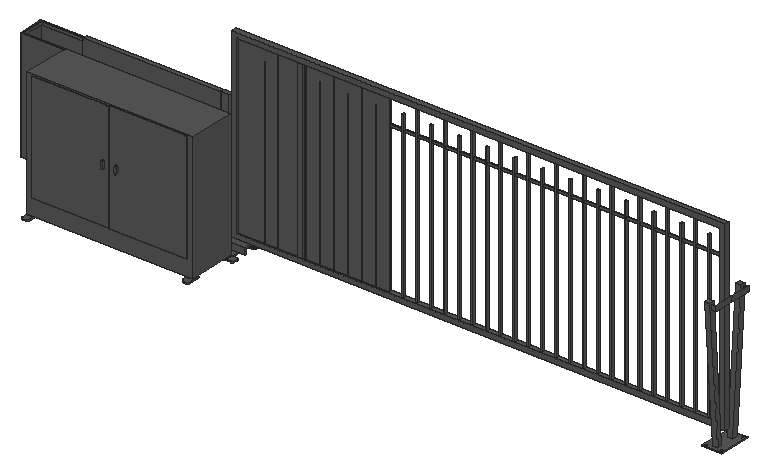
Revit family "1Construction_Fences-&-Traffic-Security_AutoGate_Ohioan-Pivot-Gates", category Specialty Equipment, Revit 2023 (continued)
Definition of nested family "Yoke"
  Dimensions and locks (in)
    Extrusion 21 sketch curve to Extrusion 21 sketch curve to plane 1 "Center (Front/Back)" to Extrusion 21 sketch curve to Extrusion 21 sketch curve = 0.000" locked, 5.500" locked, 5.500" locked, 0.000" locked
    plane 38 to Extrusion 21 sketch curve to Extrusion 21 sketch curve to Extrusion 21 sketch curve to Extrusion 21 sketch curve = 1.000" locked, 0.000" locked, 6.000" locked, 0.000" locked
    locked: plane 39 to plane 40 at 0.25
    "Void E_F_G": plane 39 to plane 2
    locked: plane 16 to plane 1 "Center (Front/Back)" at 5.25
    "Top Br Offset B_F": plane 1 "Center (Front/Back)" to plane 17
    plane 1 "Center (Front/Back)" to Extrusion 22 sketch curve to Extrusion 22 sketch curve = 4.00044" locked, 2.000" locked
    plane 1 "Center (Front/Back)" to Extrusion 23 sketch curve to Extrusion 23 sketch curve = 4.00044" locked, 2.000" locked
    "Void Bottom G": plane 3 "Center (Left/Right)" to plane 42
    locked: plane 42 to plane 43 at 2
    Extrusion 27 sketch curve to plane 1 "Center (Front/Back)" to Extrusion 27 sketch curve = 5.250" locked, 5.250" locked
    Extrusion 28 sketch curve to plane 1 "Center (Front/Back)" to Extrusion 28 sketch curve = 1.000" locked, 1.000" locked
    Extrusion 29 sketch curve to plane 1 "Center (Front/Back)" to Extrusion 29 sketch curve = 3.99956" locked, 4.00044" locked
    Extrusion 29 sketch curve to Extrusion 29 sketch curve to plane 44 = 0.750" locked, 6.51988" locked
    locked: Extrusion 29 to plane 43 at 0.75
    locked: plane 41 to plane 2 at 0.5
    locked: plane 2 to plane 44 at 36
    Extrusion 32 sketch curve to Extrusion 32 sketch curve to plane 1 "Center (Front/Back)" to Extrusion 32 sketch curve to Extrusion 32 sketch curve = 0.200" locked, 3.050" locked, 3.050" locked, 0.200" locked
    plane 3 "Center (Left/Right)" to Extrusion 32 sketch curve to Extrusion 32 sketch curve = 1.600" locked, 0.000" locked
    locked: plane 3 "Center (Left/Right)" to Extrusion 32 sketch curve at 0.2
    locked: plane 45 to plane 2 at 5
    equal spacing: plane 47, plane 46, plane 45
    "Fence Height": plane 47 to plane 2
    plane 46 to plane 48 to plane 49 = 8.80494" locked, 2.400" locked
    plane 51 to plane 50 to plane 46 = 2.400" locked, 8.80494" locked
    plane 38 to Extrusion 33 sketch curve to Extrusion 33 sketch curve to Extrusion 33 sketch curve = 0.200" locked, 1.400" locked, 0.000" locked
    Extrusion 33 sketch curve to Extrusion 33 sketch curve to plane 1 "Center (Front/Back)" to Extrusion 33 sketch curve to Extrusion 33 sketch curve = 0.200" locked, 3.050" locked, 3.050" locked, 0.200" locked
    plane 52 to plane 46 to plane 53 = 18.000" locked, 18.000" locked
    Sweep 34 sketch curve to plane 46 to Sweep 34 sketch curve = 12.000" locked, 12.000" locked
    plane 1 "Center (Front/Back)" to Sweep 34 sketch curve to Sweep 34 sketch curve to Sweep 34 sketch curve = 3.050" locked, 1.47916" locked, 0.000" locked
    plane 1 "Center (Front/Back)" to Sweep 34 sketch curve to Sweep 34 sketch curve to Sweep 34 sketch curve to Sweep 34 sketch curve = 3.050" locked, 0.100" locked, 0.775" locked, 0.000" locked
    Sweep 35 sketch curve to plane 46 to Sweep 35 sketch curve = 12.000" locked, 12.000" locked
    Sweep 35 sketch curve to Sweep 35 sketch curve to Sweep 35 sketch curve to plane 1 "Center (Front/Back)" = 0.000" locked, 1.47916" locked, 3.050" locked
    Sweep 35 sketch curve to Sweep 35 sketch curve to Sweep 35 sketch curve to Sweep 35 sketch curve to plane 1 "Center (Front/Back)" = 0.000" locked, 0.775" locked, 0.100" locked, 3.050" locked
    plane 3 "Center (Left/Right)" to Sweep 34 sketch curve to Sweep 34 sketch curve to Sweep 34 sketch curve to Sweep 34 sketch curve = 1.600" locked, 0.100" locked, 1.400" locked, 0.100" locked
    plane 3 "Center (Left/Right)" to Sweep 35 sketch curve to Sweep 35 sketch curve to Sweep 35 sketch curve to Sweep 35 sketch curve = 1.600" locked, 0.100" locked, 1.400" locked, 0.100" locked
    Extrusion 36 sketch curve to Extrusion 36 sketch curve to plane 1 "Center (Front/Back)" to Extrusion 36 sketch curve to Extrusion 36 sketch curve = 0.200" locked, 3.050" locked, 3.050" locked, 0.200" locked
    plane 3 "Center (Left/Right)" to Extrusion 36 sketch curve to Extrusion 36 sketch curve to Extrusion 36 sketch curve to Extrusion 36 sketch curve = 0.000" locked, 0.200" locked, 1.400" locked, 0.000" locked
    locked: plane 54 to plane 45 at 7.875
    locked: plane 47 to plane 55 at 7.875
    locked: Extrusion 36 to plane 54 at 1.6
    locked: plane 54 to Extrusion 36 at 1.6
    plane 3 "Center (Left/Right)" to Sweep 37 sketch curve to Sweep 37 sketch curve to Sweep 37 sketch curve to Sweep 37 sketch curve = 1.600" locked, 0.100" locked, 1.400" locked, 0.100" locked
    plane 1 "Center (Front/Back)" to Sweep 37 sketch curve to Sweep 37 sketch curve to Sweep 37 sketch curve to Sweep 37 sketch curve = 3.050" locked, 0.100" locked, 0.775" locked, 0.000" locked
    Sweep 37 sketch curve to Sweep 37 sketch curve to plane 54 to Sweep 37 sketch curve to Sweep 37 sketch curve = 5.100" locked, 2.775" locked, 2.775" locked, 5.100" locked
    plane 1 "Center (Front/Back)" to Sweep 37 sketch curve to Sweep 37 sketch curve to Sweep 37 sketch curve = 3.050" locked, 1.25729" locked, 0.000" locked
    Sweep 38 sketch curve to Sweep 38 sketch curve to Sweep 38 sketch curve to Sweep 38 sketch curve to plane 1 "Center (Front/Back)" = 0.000" locked, 1.25729" locked, 0.000" locked, 3.050" locked
    Sweep 38 sketch curve to Sweep 38 sketch curve to plane 54 to Sweep 38 sketch curve to Sweep 38 sketch curve = 5.100" locked, 2.775" locked, 2.775" locked, 5.100" locked
    plane 3 "Center (Left/Right)" to Sweep 38 sketch curve to Sweep 38 sketch curve to Sweep 38 sketch curve to Sweep 38 sketch curve = 1.600" locked, 0.100" locked, 1.400" locked, 0.100" locked
    Sweep 38 sketch curve to Sweep 38 sketch curve to Sweep 38 sketch curve to Sweep 38 sketch curve to plane 1 "Center (Front/Back)" = 0.000" locked, 0.775" locked, 0.100" locked, 3.050" locked
    plane 3 "Center (Left/Right)" to Extrusion 39 sketch curve to Extrusion 39 sketch curve to Extrusion 39 sketch curve to Extrusion 39 sketch curve = 0.000" locked, 0.200" locked, 1.400" locked, 0.000" locked
    Extrusion 39 sketch curve to Extrusion 39 sketch curve to plane 1 "Center (Front/Back)" to Extrusion 39 sketch curve to Extrusion 39 sketch curve = 0.200" locked, 3.050" locked, 3.050" locked, 0.200" locked
    locked: Extrusion 39 to plane 55 at 1.6
    locked: plane 55 to Extrusion 39 at 1.6
    Sweep 40 sketch curve to Sweep 40 sketch curve to plane 55 to Sweep 40 sketch curve to Sweep 40 sketch curve = 5.100" locked, 2.775" locked, 2.775" locked, 5.100" locked
    plane 1 "Center (Front/Back)" to Sweep 40 sketch curve to Sweep 40 sketch curve to Sweep 40 sketch curve = 3.050" locked, 1.25729" locked, 0.000" locked
    plane 3 "Center (Left/Right)" to Sweep 40 sketch curve to Sweep 40 sketch curve to Sweep 40 sketch curve to Sweep 40 sketch curve = 1.600" locked, 0.100" locked, 1.400" locked, 0.100" locked
    plane 1 "Center (Front/Back)" to Sweep 40 sketch curve to Sweep 40 sketch curve to Sweep 40 sketch curve to Sweep 40 sketch curve = 3.050" locked, 0.100" locked, 0.775" locked, 0.000" locked
    Sweep 41 sketch curve to Sweep 41 sketch curve to plane 55 to Sweep 41 sketch curve to Sweep 41 sketch curve = 5.100" locked, 2.775" locked, 2.775" locked, 5.100" locked
    Sweep 41 sketch curve to Sweep 41 sketch curve to Sweep 41 sketch curve to plane 1 "Center (Front/Back)" = 0.000" locked, 1.25729" locked, 3.050" locked
    plane 3 "Center (Left/Right)" to Sweep 41 sketch curve to Sweep 41 sketch curve to Sweep 41 sketch curve to Sweep 41 sketch curve = 1.600" locked, 0.100" locked, 1.400" locked, 0.100" locked
    Sweep 41 sketch curve to Sweep 41 sketch curve to Sweep 41 sketch curve to Sweep 41 sketch curve to plane 1 "Center (Front/Back)" = 0.000" locked, 0.775" locked, 0.100" locked, 3.050" locked
    plane 12 to Extrusion 4 sketch curve to Extrusion 4 sketch curve = 0.000" locked, 0.250" locked
    locked: plane 11 to Extrusion 4 sketch curve at 0.25
    locked: plane 16 to Extrusion 5 sketch curve at 0.25
    locked: plane 17 to Extrusion 5 sketch curve at 0.25
    Extrusion 30 sketch curve to Extrusion 30 sketch curve to plane 1 "Center (Front/Back)" to Extrusion 30 sketch curve to Extrusion 30 sketch curve = 0.250" locked, 6.99999" locked, 4.750" locked, 0.250" locked
    plane 3 "Center (Left/Right)" to Extrusion 30 sketch curve to Extrusion 30 sketch curve to Extrusion 30 sketch curve to Extrusion 30 sketch curve = 0.000" locked, 1.750" locked, 0.250" locked, 4.000" locked
    Extrusion 31 sketch curve to Extrusion 31 sketch curve to plane 1 "Center (Front/Back)" to Extrusion 31 sketch curve to Extrusion 31 sketch curve = 0.250" locked, 5.000" locked, 4.750" locked, 0.250" locked
    plane 3 "Center (Left/Right)" to Extrusion 31 sketch curve to Extrusion 31 sketch curve to Extrusion 31 sketch curve = 1.750" locked, 0.250" locked, 4.000" locked
    plane 17 to Extrusion 9 sketch curve to Extrusion 9 sketch curve to Extrusion 9 sketch curve = 0.250" locked, 11.99946" locked, 0.250" locked
    locked: plane 17 to Extrusion 10 sketch curve at 0.25
    locked: plane 16 to Extrusion 10 sketch curve at 0.25
    Extrusion 15 sketch curve to Extrusion 15 sketch curve to plane 32 = 0.250" locked, 1.750" locked
    Extrusion 15 sketch curve to Extrusion 15 sketch curve to plane 1 "Center (Front/Back)" to Extrusion 15 sketch curve to Extrusion 15 sketch curve = 0.250" locked, 8.000" locked, 8.000" locked, 0.250" locked
    Extrusion 16 sketch curve to Extrusion 16 sketch curve to plane 1 "Center (Front/Back)" to Extrusion 16 sketch curve to Extrusion 16 sketch curve = 0.250" locked, 5.000" locked, 5.000" locked, 0.250" locked
    Extrusion 16 sketch curve to Extrusion 16 sketch curve to plane 32 = 0.250" locked, 1.750" locked
    Extrusion 24 sketch curve to Extrusion 24 sketch curve to plane 1 "Center (Front/Back)" to Extrusion 24 sketch curve to Extrusion 24 sketch curve = 0.250" locked, 7.000" locked, 9.000" locked, 0.250" locked
    Extrusion 24 sketch curve to plane 3 "Center (Left/Right)" to Extrusion 24 sketch curve to Extrusion 24 sketch curve = 2.250" locked, 1.750" locked, 0.250" locked
    Extrusion 25 sketch curve to Extrusion 25 sketch curve to plane 1 "Center (Front/Back)" to Extrusion 25 sketch curve to Extrusion 25 sketch curve = 0.250" locked, 5.000" locked, 9.000" locked, 0.250" locked
    Extrusion 25 sketch curve to plane 3 "Center (Left/Right)" to Extrusion 25 sketch curve to Extrusion 25 sketch curve = 2.250" locked, 1.750" locked, 0.250" locked
    locked: plane 12 to Masking region 1 sketch curve at 0.25
    locked: plane 11 to Masking region 1 sketch curve at 0.25
    locked: plane 16 to Masking region 2 sketch curve at 0.25
    locked: plane 17 to Masking region 2 sketch curve at 0.25
    locked: Masking region 4 sketch curve to plane 3 "Center (Left/Right)" at 2
    plane 1 "Center (Front/Back)" to Masking region 4 sketch curve to Masking region 4 sketch curve = 3.28646" locked, 3.45162" locked
    plane 1 "Center (Front/Back)" to Masking region 3 sketch curve to Masking region 3 sketch curve = 6.73808" locked, 1.99513" locked
    locked: Masking region 5 sketch curve to plane 3 "Center (Left/Right)" at 2
    Masking region 5 sketch curve to Masking region 5 sketch curve to plane 1 "Center (Front/Back)" = 1.99513" locked, 6.73808" locked
    locked: Masking region 6 sketch curve to plane 3 "Center (Left/Right)" at 2
    Masking region 6 sketch curve to Masking region 6 sketch curve to plane 1 "Center (Front/Back)" = 3.45206" locked, 3.28603" locked
    Masking region 7 sketch curve to Masking region 7 sketch curve to plane 18 to Masking region 7 sketch curve to Masking region 7 sketch curve = 0.09375" locked, 0.27363" locked, 0.27363" locked, 0.09375" locked  (x2)
    Masking region 7 sketch curve to plane 18 to Masking region 7 sketch curve = 0.10037" locked, 0.10037" locked
    plane 17 to Masking region 8 sketch curve to Masking region 8 sketch curve to Masking region 8 sketch curve = 0.250" locked, 11.99946" locked, 0.250" locked
    locked: plane 16 to Masking region 9 sketch curve at 0.25
    locked: Masking region 10 sketch curve to plane 28 at 0.13514
    locked: plane 28 to Masking region 10 sketch curve at 0.13406
    Masking region 10 sketch curve to Masking region 10 sketch curve to plane 28 to Masking region 10 sketch curve to Masking region 10 sketch curve = 0.125" locked, 0.36537" locked, 0.36537" locked, 0.125" locked
    Masking region 10 sketch curve to Masking region 10 sketch curve to plane 28 to Masking region 10 sketch curve to Masking region 10 sketch curve = 0.125" locked, 0.36537" locked, 0.36537", 0.125"
    Masking region 11 sketch curve to plane 1 "Center (Front/Back)" to Masking region 11 sketch curve = 1.000" locked, 1.000" locked
    Masking region 12 sketch curve to Masking region 12 sketch curve to plane 1 "Center (Front/Back)" to Masking region 12 sketch curve to Masking region 12 sketch curve = 0.250" locked, 6.99999" locked, 4.750" locked, 0.250" locked
    plane 3 "Center (Left/Right)" to Masking region 12 sketch curve to Masking region 12 sketch curve to Masking region 12 sketch curve to Masking region 12 sketch curve = 0.000" locked, 1.750" locked, 0.250" locked, 4.000" locked
    Masking region 13 sketch curve to Masking region 13 sketch curve to plane 1 "Center (Front/Back)" = 0.250" locked, 5.000" locked
    locked: plane 3 "Center (Left/Right)" to Masking region 13 sketch curve at 1.75
    Masking region 14 sketch curve to Masking region 14 sketch curve to plane 32 = 0.250" locked, 1.750" locked
    Masking region 14 sketch curve to Masking region 14 sketch curve to plane 1 "Center (Front/Back)" to Masking region 14 sketch curve to Masking region 14 sketch curve = 0.250" locked, 8.000" locked, 8.000" locked, 0.250" locked
    Masking region 15 sketch curve to Masking region 15 sketch curve to plane 1 "Center (Front/Back)" to Masking region 15 sketch curve to Masking region 15 sketch curve = 1.99513" locked, 6.73765" locked, 6.73765" locked, 1.99513" locked
    Masking region 16 sketch curve to Masking region 16 sketch curve to plane 1 "Center (Front/Back)" to Masking region 16 sketch curve to Masking region 16 sketch curve = 3.45162" locked, 3.28603" locked, 3.28603" locked, 3.45162" locked
    Masking region 16 sketch curve to Masking region 16 sketch curve to Masking region 16 sketch curve to plane 1 "Center (Front/Back)" to Masking region 16 sketch curve to Masking region 16 sketch curve to Masking region 16 sketch curve = 0.375" locked, 0.000" locked, 1.62246" locked, 1.62246" locked, 0.000" locked, 0.375" locked
    Masking region 16 sketch curve to Masking region 16 sketch curve to Masking region 16 sketch curve to Masking region 16 sketch curve to Masking region 16 sketch curve to Masking region 16 sketch curve to plane 33 = 0.375" locked, 0.000" locked, 1.250" locked, 0.000" locked, 0.375" locked, 4.000" locked
    Masking region 15 sketch curve to Masking region 15 sketch curve to plane 1 "Center (Front/Back)" to Masking region 15 sketch curve to Masking region 15 sketch curve = 2.250" locked, 2.000" locked, 2.000" locked, 2.250" locked
    Masking region 15 sketch curve to Masking region 15 sketch curve to Masking region 15 sketch curve to Masking region 15 sketch curve to plane 33 = 0.000" locked, 0.250" locked, 0.000" locked, 4.875" locked
    Masking region 17 sketch curve to Masking region 17 sketch curve to plane 1 "Center (Front/Back)" to Masking region 17 sketch curve to Masking region 17 sketch curve = 0.250" locked, 7.000" locked, 9.000" locked, 0.250" locked
    Masking region 17 sketch curve to plane 3 "Center (Left/Right)" to Masking region 17 sketch curve to Masking region 17 sketch curve = 2.250" locked, 1.750" locked, 0.250" locked
    Masking region 18 sketch curve to Masking region 18 sketch curve to plane 1 "Center (Front/Back)" = 0.250" locked, 5.000" locked
    locked: plane 3 "Center (Left/Right)" to Masking region 18 sketch curve at 1.75
    plane 3 "Center (Left/Right)" to Masking region 18 sketch curve to Masking region 18 sketch curve = 1.500" locked, 0.250" locked
    plane 1 "Center (Front/Back)" to Masking region 18 sketch curve to Masking region 18 sketch curve = 4.00044" locked, 2.000" locked
    plane 3 "Center (Left/Right)" to Masking region 19 sketch curve to Masking region 19 sketch curve to Masking region 19 sketch curve to Masking region 19 sketch curve = 0.000" locked, 0.200" locked, 1.400" locked, 0.000" locked
    Masking region 19 sketch curve to Masking region 19 sketch curve to plane 1 "Center (Front/Back)" to Masking region 19 sketch curve to Masking region 19 sketch curve = 0.200" locked, 3.050" locked, 3.050" locked, 0.200" locked
    Masking region 19 sketch curve to Masking region 19 sketch curve to Masking region 19 sketch curve to Masking region 19 sketch curve to plane 1 "Center (Front/Back)" to Masking region 19 sketch curve to Masking region 19 sketch curve to Masking region 19 sketch curve to Masking region 19 sketch curve = 0.000" locked, 0.75247" locked, 0.09709" locked, 4.52916" locked, 4.52916" locked, 0.09709" locked, 0.75247" locked, 0.000" locked
    plane 3 "Center (Left/Right)" to Masking region 19 sketch curve to Masking region 19 sketch curve to Masking region 19 sketch curve to Masking region 19 sketch curve to Masking region 19 sketch curve to Masking region 19 sketch curve to Masking region 19 sketch curve to Masking region 19 sketch curve = 1.600" locked, 0.000" locked, 0.100" locked, 0.000" locked, 1.400" locked, 0.000" locked, 0.100" locked, 0.000" locked
    Masking region 20 sketch curve to Masking region 20 sketch curve to plane 1 "Center (Front/Back)" to Masking region 20 sketch curve to Masking region 20 sketch curve = 1.47916" locked, 3.050" locked, 3.050" locked, 1.47916" locked
    plane 3 "Center (Left/Right)" to Masking region 20 sketch curve to Masking region 20 sketch curve to Masking region 20 sketch curve to Masking region 20 sketch curve = 1.600" locked, 0.000" locked, 1.600" locked, 0.000" locked
    Masking region 21 sketch curve to Masking region 21 sketch curve to plane 1 "Center (Front/Back)" to Masking region 21 sketch curve to Masking region 21 sketch curve = 2.28602" locked, 1.00044" locked, 1.00044" locked, 2.28602" locked
    Masking region 21 sketch curve to Masking region 21 sketch curve to plane 3 "Center (Left/Right)" to Masking region 21 sketch curve to Masking region 21 sketch curve = 0.000" locked, 2.000" locked, 0.000" locked, 0.000" locked
    Masking region 22 sketch curve to Masking region 22 sketch curve to plane 1 "Center (Front/Back)" to Masking region 22 sketch curve to Masking region 22 sketch curve = 3.000" locked, 1.00044" locked, 1.00044" locked, 3.000" locked
    Masking region 22 sketch curve to Masking region 22 sketch curve to Masking region 22 sketch curve to Masking region 22 sketch curve to plane 3 "Center (Left/Right)" = 0.000" locked, 0.750" locked, 0.000" locked, 2.000" locked
    Masking region 24 sketch curve to plane 3 "Center (Left/Right)" to Masking region 24 sketch curve = 2.000" locked, 0.000" locked
    plane 1 "Center (Front/Back)" to Masking region 24 sketch curve to Masking region 24 sketch curve = 4.00044" locked, 2.000" locked
    Masking region 23 sketch curve to Masking region 23 sketch curve to Masking region 23 sketch curve to Masking region 23 sketch curve to Masking region 23 sketch curve to plane 3 "Center (Left/Right)" to Masking region 23 sketch curve to Masking region 23 sketch curve to Masking region 23 sketch curve to Masking region 23 sketch curve to Masking region 23 sketch curve to Masking region 23 sketch curve = 1.000" locked, 0.000" locked, 2.000" locked, 0.000" locked, 2.000" locked, 0.000" locked, 0.000" locked, 0.000" locked, 1.750" locked, 0.250" locked, 1.000" locked
    Masking region 23 sketch curve to Masking region 23 sketch curve to Masking region 23 sketch curve to Masking region 23 sketch curve to Masking region 23 sketch curve to plane 1 "Center (Front/Back)" to Masking region 23 sketch curve to Masking region 23 sketch curve to Masking region 23 sketch curve to Masking region 23 sketch curve to Masking region 23 sketch curve to Masking region 23 sketch curve = 0.000" locked, 0.000" locked, 1.000" locked, 2.21397" locked, 3.28603" locked, 4.00044" locked, 0.88056" locked, 0.250" locked, 0.369" locked, 0.50044" locked, 0.49956" locked
    Masking region 23 sketch curve to Masking region 23 sketch curve to Masking region 23 sketch curve to Masking region 23 sketch curve to Masking region 23 sketch curve to plane 1 "Center (Front/Back)" = 0.0861" locked, 0.3199" locked, 0.3199" locked, 0.0861" locked, 5.094" locked
    locked: plane 3 "Center (Left/Right)" to Masking region 23 sketch curve at 2
    plane 3 "Center (Left/Right)" to Masking region 23 sketch curve to Masking region 23 sketch curve = 1.83066" locked, 0.16934" locked
    locked: plane 1 "Center (Front/Back)" to Masking region 23 sketch curve at 5.5
    Masking region 23 sketch curve to plane 1 "Center (Front/Back)" to Masking region 23 sketch curve = 1.000" locked, 1.000" locked
    locked: plane 3 "Center (Left/Right)" to Masking region 23 sketch curve
    locked: Masking region 23 sketch curve to plane 3 "Center (Left/Right)" at 5
    plane 1 "Center (Front/Back)" to Masking region 25 sketch curve to Masking region 25 sketch curve to Masking region 25 sketch curve to Masking region 25 sketch curve to Masking region 25 sketch curve to Masking region 25 sketch curve to Masking region 25 sketch curve to Masking region 25 sketch curve to Masking region 25 sketch curve to Masking region 25 sketch curve = 3.28646" locked, 1.71354" locked, 0.094" locked, 0.156" locked, 0.250" locked, 0.3199" locked, 0.0861" locked, 0.594" locked, 0.000" locked, 0.000" locked
    Masking region 25 sketch curve to Masking region 25 sketch curve to Masking region 25 sketch curve to Masking region 25 sketch curve to Masking region 25 sketch curve to Masking region 25 sketch curve to Masking region 25 sketch curve to Masking region 25 sketch curve to Masking region 25 sketch curve to plane 1 "Center (Front/Back)" = 0.000" locked, 0.000" locked, 0.594" locked, 0.406" locked, 0.250" locked, 0.156" locked, 0.094" locked, 1.71397" locked, 3.28603" locked
    Masking region 25 sketch curve to Masking region 25 sketch curve to Masking region 25 sketch curve to Masking region 25 sketch curve to Masking region 25 sketch curve to plane 3 "Center (Left/Right)" to Masking region 25 sketch curve to Masking region 25 sketch curve to Masking region 25 sketch curve to Masking region 25 sketch curve to Masking region 25 sketch curve to Masking region 25 sketch curve to Masking region 25 sketch curve to Masking region 25 sketch curve to Masking region 25 sketch curve to Masking region 25 sketch curve to Masking region 25 sketch curve to Masking region 25 sketch curve to Masking region 25 sketch curve to Masking region 25 sketch curve = 1.000" locked, 0.000" locked, 2.000" locked, 0.000" locked, 2.000" locked, 0.000" locked, 0.000" locked, 0.000" locked, 1.6801" locked, 0.000" locked, 0.0699" locked, 0.000" locked, 0.000" locked, 0.250" locked, 0.000" locked, 0.000" locked, 0.000" locked, 0.000" locked, 1.000" locked
    plane 1 "Center (Front/Back)" to Masking region 26 sketch curve to Masking region 26 sketch curve to Masking region 26 sketch curve to Masking region 26 sketch curve to Masking region 26 sketch curve to Masking region 26 sketch curve to Masking region 26 sketch curve to Masking region 26 sketch curve to Masking region 26 sketch curve to Masking region 26 sketch curve to Masking region 26 sketch curve to Masking region 26 sketch curve to Masking region 26 sketch curve to Masking region 26 sketch curve to Masking region 26 sketch curve to Masking region 26 sketch curve to Masking region 26 sketch curve to Masking region 26 sketch curve to Masking region 26 sketch curve = 0.000" locked, 0.000" locked, 1.62246" locked, 0.000" locked, 0.000" locked, 0.000" locked, 0.375" locked, 0.000" locked, 1.289" locked, 0.000" locked, 0.96354" locked, 0.750" locked, 0.000" locked, 0.250" locked, 0.000" locked, 0.250" locked, 1.000" locked, 0.000" locked, 0.000" locked
    Masking region 26 sketch curve to Masking region 26 sketch curve to Masking region 26 sketch curve to Masking region 26 sketch curve to Masking region 26 sketch curve to Masking region 26 sketch curve to Masking region 26 sketch curve to Masking region 26 sketch curve to Masking region 26 sketch curve to Masking region 26 sketch curve to Masking region 26 sketch curve to Masking region 26 sketch curve to Masking region 26 sketch curve to Masking region 26 sketch curve to Masking region 26 sketch curve to Masking region 26 sketch curve to Masking region 26 sketch curve to plane 1 "Center (Front/Back)" = 0.000" locked, 0.000" locked, 1.000" locked, 0.250" locked, 0.000" locked, 0.250" locked, 0.000" locked, 0.750" locked, 0.96397" locked, 0.000" locked, 1.28857" locked, 0.000" locked, 0.375" locked, 0.000" locked, 0.000" locked, 0.000" locked, 1.62246" locked
    Masking region 26 sketch curve to plane 3 "Center (Left/Right)" to Masking region 26 sketch curve to Masking region 26 sketch curve to Masking region 26 sketch curve to Masking region 26 sketch curve to Masking region 26 sketch curve to Masking region 26 sketch curve to Masking region 26 sketch curve to Masking region 26 sketch curve to Masking region 26 sketch curve to Masking region 26 sketch curve to Masking region 26 sketch curve to Masking region 26 sketch curve to Masking region 26 sketch curve to Masking region 26 sketch curve to Masking region 26 sketch curve to Masking region 26 sketch curve to Masking region 26 sketch curve to Masking region 26 sketch curve to Masking region 26 sketch curve to Masking region 26 sketch curve to Masking region 26 sketch curve to Masking region 26 sketch curve to Masking region 26 sketch curve to Masking region 26 sketch curve to Masking region 26 sketch curve to Masking region 26 sketch curve to Masking region 26 sketch curve to Masking region 26 sketch curve to Masking region 26 sketch curve to Masking region 26 sketch curve to Masking region 26 sketch curve to Masking region 26 sketch curve = 1.000" locked, 0.000" locked, 0.000" locked, 0.000" locked, 0.000" locked, 0.000" locked, 1.750" locked, 0.000" locked, 0.000" locked, 0.250" locked, 0.000" locked, 0.375" locked, 0.000" locked, 0.000" locked, 0.000" locked, 0.500" locked, 0.000" locked, 0.125" locked, 0.000" locked, 0.125" locked, 0.000" locked, 0.500" locked, 0.000" locked, 0.000" locked, 0.000" locked, 0.375" locked, 0.000" locked, 2.000" locked, 0.000" locked, 0.000" locked, 0.000" locked, 0.000" locked, 1.000" locked
    locked: plane 3 "Center (Left/Right)" to Masking region 26 sketch curve at 4.25  (x3)
    plane 3 "Center (Left/Right)" to Masking region 27 sketch curve to Masking region 27 sketch curve to Masking region 27 sketch curve to Masking region 27 sketch curve = 4.250" locked, 0.000" locked, 1.750" locked, 0.000" locked
    Masking region 27 sketch curve to Masking region 27 sketch curve to plane 1 "Center (Front/Back)" to Masking region 27 sketch curve to Masking region 27 sketch curve = 0.250" locked, 5.000" locked, 5.000" locked, 0.250" locked
    Masking region 26 sketch curve to plane 1 "Center (Front/Back)" to Masking region 26 sketch curve = 1.000" locked, 1.000" locked
    locked: Masking region 26 sketch curve to plane 3 "Center (Left/Right)" at 1
    Masking region 25 sketch curve to plane 1 "Center (Front/Back)" to Masking region 25 sketch curve = 1.000" locked, 1.000" locked
    Masking region 25 sketch curve to plane 3 "Center (Left/Right)" to Masking region 25 sketch curve = 5.000" locked, 0.000" locked
    "Halfback Dia": diameter of Extrusion 6 sketch curve  (x2)
    "Halfback Out Dia": diameter of Extrusion 6 sketch curve  (x2)
    "Halfback Dia": diameter of Extrusion 7 sketch curve  (x2)
    "Halfback Out Dia": diameter of Extrusion 7 sketch curve  (x2)
    "Halfback Dia": diameter of Extrusion 11 sketch curve  (x2)
    "Halfback Out Dia": diameter of Extrusion 11 sketch curve  (x2)
    "Halfback Dia": diameter of Extrusion 12 sketch curve  (x2)
    "Halfback Out Dia": diameter of Extrusion 12 sketch curve  (x2)
    "Halfback Dia": diameter of Masking region 7 sketch curve  (x2)
    "Halfback Out Dia": diameter of Masking region 7 sketch curve  (x2)
    "Halfback Dia": diameter of Masking region 10 sketch curve  (x2)
    "Halfback Out Dia": diameter of Masking region 10 sketch curve  (x2)
    locked: plane 1 "Center (Front/Back)" to Extrusion 1 sketch curve (angle 4.00°)  (x2)
    aligned and locked: plane 2 to level
    aligned and locked: plane 4 to Extrusion 1 sketch curve
    aligned and locked: Extrusion 1 to plane 5
    aligned and locked: plane 3 "Center (Left/Right)" to Extrusion 1
    aligned and locked: plane 3 "Center (Left/Right)" to Extrusion 2
    aligned and locked: Extrusion 2 to plane 5
    aligned and locked: plane 4 to Extrusion 2 sketch curve
    aligned and locked: Extrusion 3 sketch curve to plane 2
    aligned and locked: Extrusion 3 to plane 7
    aligned and locked: Extrusion 3 to plane 8
    aligned and locked: Extrusion 4 sketch curve to plane 3 "Center (Left/Right)"
    aligned and locked: plane 3 "Center (Left/Right)" to Extrusion 4 sketch curve
    aligned and locked: plane 13 to Extrusion 4 sketch curve
    aligned and locked: plane 11 to Extrusion 4 sketch curve
    aligned and locked: plane 9 to Extrusion 4
    aligned and locked: Extrusion 4 to plane 10
    aligned and locked: Extrusion 5 to plane 14
    aligned and locked: plane 15 to Extrusion 5
    aligned and locked: plane 3 "Center (Left/Right)" to Extrusion 5 sketch curve
    aligned and locked: Extrusion 5 sketch curve to plane 3 "Center (Left/Right)"
    aligned and locked: plane 17 to Extrusion 5 sketch curve
    aligned and locked: plane 16 to Extrusion 5 sketch curve
    aligned and locked: plane 13 to Extrusion 5 sketch curve
    aligned and locked: plane 6 to Extrusion 2 sketch curve
    aligned and locked: Extrusion 6 sketch curve to plane 19  (x2)
    aligned and locked: Extrusion 6 sketch curve to plane 20  (x2)
    aligned and locked: plane 1 "Center (Front/Back)" to Extrusion 6 sketch curve  (x2)
    aligned and locked: plane 21 to Extrusion 6
    aligned and locked: Extrusion 6 to plane 22
    aligned and locked: Extrusion 7 to plane 24
    aligned and locked: plane 23 to Extrusion 7
    aligned and locked: Extrusion 7 sketch curve to plane 19  (x2)
    aligned and locked: Extrusion 7 sketch curve to plane 20  (x2)
    aligned and locked: plane 25 to Extrusion 1 sketch curve
    aligned and locked: plane 13 to Extrusion 9 sketch curve
    aligned and locked: plane 3 "Center (Left/Right)" to Extrusion 9 sketch curve
    aligned and locked: Extrusion 9 sketch curve to plane 3 "Center (Left/Right)"
    aligned and locked: Extrusion 9 sketch curve to plane 27
    aligned and locked: plane 9 to Extrusion 9
    aligned and locked: Extrusion 9 to plane 10
    aligned and locked: Extrusion 10 to plane 14
    aligned and locked: plane 15 to Extrusion 10
    aligned and locked: plane 13 to Extrusion 10 sketch curve
    aligned and locked: Extrusion 10 sketch curve to plane 27
    aligned and locked: Extrusion 10 sketch curve to plane 3 "Center (Left/Right)"
    aligned and locked: plane 3 "Center (Left/Right)" to Extrusion 10 sketch curve
    aligned and locked: plane 17 to Extrusion 10 sketch curve
    aligned and locked: plane 16 to Extrusion 10 sketch curve
    aligned and locked: plane 17 to Extrusion 9 sketch curve
    aligned and locked: plane 30 to Extrusion 11 sketch curve
    aligned and locked: plane 29 to Extrusion 11 sketch curve
    aligned and locked: plane 21 to Extrusion 11
    aligned and locked: Extrusion 11 to plane 22
    aligned and locked: plane 29 to Extrusion 12 sketch curve
    aligned and locked: Extrusion 12 sketch curve to plane 29
    aligned and locked: Extrusion 12 sketch curve to plane 30
    aligned and locked: plane 30 to Extrusion 12 sketch curve
    aligned and locked: plane 23 to Extrusion 12
    aligned and locked: Extrusion 12 to plane 24
    aligned and locked: plane 31 to Extrusion 13
    aligned and locked: Extrusion 13 to plane 3 "Center (Left/Right)"
    aligned and locked: Extrusion 8 to plane 14
    aligned and locked: plane 4 to Extrusion 14 sketch curve  (x2)
    aligned and locked: Extrusion 14 to plane 32
    aligned and locked: plane 33 to Extrusion 14
    aligned and locked: Extrusion 15 sketch curve to plane 32
    aligned and locked: plane 32 to Extrusion 15 sketch curve
    aligned and locked: Extrusion 16 sketch curve to plane 32
    aligned and locked: plane 32 to Extrusion 16 sketch curve
    aligned and locked: Extrusion 15 to plane 10
    aligned and locked: plane 9 to Extrusion 15
    aligned and locked: plane 15 to Extrusion 16
    aligned and locked: Extrusion 16 to plane 14
    aligned and locked: plane 4 to Extrusion 17
    aligned and locked: Extrusion 17 to plane 6
    aligned and locked: Extrusion 18 to plane 2
    aligned and locked: plane 6 to Extrusion 18
    aligned and locked: plane 6 to Extrusion 19 sketch curve  (x2)
    aligned and locked: plane 35 to Extrusion 19
    aligned and locked: Extrusion 19 to plane 34
    aligned and locked: plane 1 "Center (Front/Back)" to Extrusion 20 sketch curve  (x2)
    aligned and locked: Extrusion 20 to plane 37
    aligned and locked: plane 36 to Extrusion 20
    aligned and locked: plane 38 to Extrusion 18 sketch curve
    aligned and locked: Extrusion 21 to plane 40
    aligned and locked: plane 39 to Extrusion 21
    aligned and locked: plane 6 to Extrusion 22 sketch curve
    aligned and locked: Extrusion 22 sketch curve to plane 4
    aligned and locked: Extrusion 22 to plane 5
    aligned and locked: plane 3 "Center (Left/Right)" to Extrusion 22
    aligned and locked: Extrusion 23 sketch curve to plane 9
    aligned and locked: plane 14 to Extrusion 23 sketch curve
    aligned and locked: plane 27 to Extrusion 23
    aligned and locked: Extrusion 23 to plane 26
    aligned and locked: plane 26 to Extrusion 23
    aligned and locked: Extrusion 24 sketch curve to plane 3 "Center (Left/Right)"
    aligned and locked: plane 9 to Extrusion 24
    aligned and locked: Extrusion 24 to plane 10
    aligned and locked: Extrusion 25 sketch curve to plane 3 "Center (Left/Right)"
    aligned and locked: plane 15 to Extrusion 25
    aligned and locked: Extrusion 25 to plane 14
    aligned and locked: plane 41 to Extrusion 26 sketch curve
    aligned and locked: Extrusion 26 sketch curve to plane 2
    aligned and locked: Extrusion 26 to plane 43
    aligned and locked: plane 42 to Extrusion 26
    aligned and locked: Extrusion 27 sketch curve to plane 41
    aligned and locked: plane 42 to Extrusion 27
    aligned and locked: Extrusion 27 to plane 43
    aligned and locked: Extrusion 28 sketch curve to plane 3 "Center (Left/Right)"
    aligned and locked: plane 43 to Extrusion 28 sketch curve
    aligned and locked: Extrusion 28 to plane 44
    aligned and locked: plane 43 to Extrusion 29
    aligned and locked: plane 9 to Extrusion 30
    aligned and locked: Extrusion 30 to plane 10
    aligned and locked: Extrusion 31 sketch curve to plane 3 "Center (Left/Right)"
    aligned and locked: plane 15 to Extrusion 31
    aligned and locked: Extrusion 31 to plane 14
    aligned and locked: plane 2 to Extrusion 28
    aligned and locked: Extrusion 27 to plane 2
    aligned and locked: Extrusion 32 sketch curve to plane 3 "Center (Left/Right)"
    aligned and locked: plane 48 to Extrusion 32
    aligned and locked: Extrusion 32 to plane 49
    aligned and locked: Extrusion 33 sketch curve to plane 38
    aligned and locked: Extrusion 33 to plane 51
    aligned and locked: plane 50 to Extrusion 33
    aligned and locked: plane 52 to Sweep 34 sketch curve
    aligned and locked: plane 53 to Sweep 34 sketch curve
    aligned and locked: plane 52 to Sweep 35 sketch curve
    aligned and locked: plane 53 to Sweep 35 sketch curve
    aligned and locked: Masking region 1 sketch curve to plane 3 "Center (Left/Right)"  (x2)
    aligned and locked: plane 13 to Masking region 1 sketch curve
    aligned and locked: Masking region 1 sketch curve to plane 27
    aligned and locked: plane 12 to Masking region 1 sketch curve
    aligned and locked: plane 11 to Masking region 1 sketch curve
    aligned and locked: plane 27 to Masking region 2 sketch curve  (x2)
    aligned and locked: plane 17 to Masking region 2 sketch curve
    aligned and locked: plane 16 to Masking region 2 sketch curve
    aligned and locked: Masking region 4 sketch curve to plane 3 "Center (Left/Right)"
    aligned and locked: Masking region 5 sketch curve to plane 3 "Center (Left/Right)"
    aligned and locked: plane 3 "Center (Left/Right)" to Masking region 6 sketch curve
    aligned and locked: plane 17 to Masking region 8 sketch curve
    aligned and locked: plane 13 to Masking region 8 sketch curve
    aligned and locked: Masking region 8 sketch curve to plane 27
    aligned and locked: plane 3 "Center (Left/Right)" to Masking region 8 sketch curve
    aligned and locked: Masking region 8 sketch curve to plane 3 "Center (Left/Right)"
    aligned and locked: plane 16 to Masking region 9 sketch curve
    aligned and locked: plane 3 "Center (Left/Right)" to Masking region 9 sketch curve
    aligned and locked: Masking region 9 sketch curve to plane 27
    aligned and locked: Masking region 11 sketch curve to plane 27
    aligned and locked: plane 26 to Masking region 11 sketch curve
    aligned and locked: Masking region 13 sketch curve to plane 3 "Center (Left/Right)"
    aligned and locked: plane 3 "Center (Left/Right)" to Masking region 3 sketch curve
    aligned and locked: Masking region 2 sketch curve to plane 3 "Center (Left/Right)"
    aligned and locked: plane 3 "Center (Left/Right)" to Masking region 2 sketch curve
    aligned and locked: Masking region 14 sketch curve to plane 32
    aligned and locked: plane 32 to Masking region 14 sketch curve
    aligned and locked: Masking region 15 sketch curve to plane 33
    aligned and locked: plane 33 to Masking region 15 sketch curve
    aligned and locked: Masking region 15 sketch curve to plane 32
    aligned and locked: plane 32 to Masking region 15 sketch curve
    aligned and locked: Masking region 16 sketch curve to plane 33
    aligned and locked: plane 32 to Masking region 16 sketch curve
    aligned and locked: Masking region 16 sketch curve to plane 32
    aligned and locked: plane 33 to Masking region 16 sketch curve
    aligned and locked: Masking region 3 sketch curve to plane 5
    aligned and locked: Masking region 17 sketch curve to plane 3 "Center (Left/Right)"
    aligned and locked: Masking region 18 sketch curve to plane 3 "Center (Left/Right)"
  Automatic sketch dimensions
    plane 1 "Center (Front/Back)" to Extrusion 4 sketch curve = 0.000"  (x2)
    plane 1 "Center (Front/Back)" to Extrusion 5 sketch curve = 0.000"  (x2)
    plane 1 "Center (Front/Back)" to Extrusion 15 sketch curve = 0.000"  (x2)
    plane 1 "Center (Front/Back)" to Extrusion 16 sketch curve = 0.000"  (x2)
    Extrusion 26 sketch curve to plane 16 = 0.000"
    Extrusion 26 sketch curve to plane 17 = 0.000"
    Extrusion 1 sketch curve to plane 6 = 0.000"
    Extrusion 8 sketch curve to plane 14 = 0.000"
    Extrusion 8 sketch curve to plane 9 = 0.000"
    Extrusion 18 sketch curve to plane 33 = 1.000"
    Extrusion 27 sketch curve to level = 0.000"
    Extrusion 4 sketch curve to plane 27 = 0.000"
    Extrusion 5 sketch curve to plane 27 = 0.000"
    plane 1 "Center (Front/Back)" to Masking region 1 sketch curve = 0.000"  (x2)
    plane 1 "Center (Front/Back)" to Masking region 14 sketch curve = 0.000"  (x2)
    Masking region 26 sketch curve to Masking region 26 sketch curve = 0.000"  (x4)
    plane 1 "Center (Front/Back)" to Masking region 26 sketch curve = 0.3125"
    Masking region 25 sketch curve to Masking region 25 sketch curve = 0.000"  (x2)
    Masking region 25 sketch curve to plane 3 "Center (Left/Right)" = 0.000"
    Extrusion 6 sketch curve to Extrusion 6 sketch curve = 0.000"  (x4)
    Extrusion 7 sketch curve to Extrusion 7 sketch curve = 0.000"  (x4)
    plane 20 to Extrusion 7 sketch curve = 0.000"
    plane 1 "Center (Front/Back)" to Extrusion 7 sketch curve = 0.000"  (x2)
    Extrusion 11 sketch curve to Extrusion 11 sketch curve = 0.000"  (x4)
    Extrusion 11 sketch curve to plane 30 = 0.000"
    Extrusion 11 sketch curve to plane 3 "Center (Left/Right)" = 0.000"  (x2)
    Extrusion 11 sketch curve to plane 29 = 0.000"
    Extrusion 12 sketch curve to Extrusion 12 sketch curve = 0.000"  (x4)
    Extrusion 12 sketch curve to plane 3 "Center (Left/Right)" = 0.000"  (x2)
    Masking region 7 sketch curve to Masking region 7 sketch curve = 0.000"  (x4)
    plane 20 to Masking region 7 sketch curve = 0.000"  (x2)
    plane 1 "Center (Front/Back)" to Masking region 7 sketch curve = 0.000"  (x2)
    Masking region 7 sketch curve to plane 19 = 0.000"  (x2)
    Masking region 10 sketch curve to Masking region 10 sketch curve = 0.000"  (x4)
    Masking region 10 sketch curve to plane 30 = 0.000"  (x2)
    Masking region 10 sketch curve to plane 3 "Center (Left/Right)" = 0.000"  (x2)
    Masking region 10 sketch curve to plane 29 = 0.000"  (x2)
    radius of Extrusion 13 sketch curve = 0.1405"  (x4)
    radius of Extrusion 20 sketch curve = 0.3125"  (x4)
    radius of Extrusion 21 sketch curve = 0.406"  (x4)
    radius of Masking region 23 sketch curve = 0.406"  (x2)
    radius of Masking region 26 sketch curve = 0.3125"  (x3)
    radius of Masking region 25 sketch curve = 0.406"  (x2)
Definition of nested family "Gate Operator"
  Parameters (values of type "Gate Operator")
    z_Std Gate Guard = if(or(Gate Height = 72.000", Gate Height < 72.000"), 1 = 1, 1 = 0)  # no
    z_NonStd Gate Guard = not(z_Std Gate Guard)  # yes
    URL = ""
    Model = ""
    Mesh Material = none
    Manufacturer = ""
    Keynote = ""
    Gate Height = 80.000"
    Gate Material = none
    Gate Guard = if(or(Gate Height = 84.000", and(Gate Height > 72.000", Gate Height < 84.000")), 17.500", if(or(Gate Height = 96.000", and(Gate Height > 84.000", Gate Height < 96.000")), 29.500", if(or(Gate Height = 108.000", and(Gate Height > 96.000", Gate Height < 108.000")), 41.500", if(Gate Height < 72.000", 12.000", 10.000"))))  # 17.500"
    Description = ""
    Default Elevation = 0.000"
    Assembly Code = ""
  Reference planes (in)
    plane 1 "Center (Front/Back)": y = 0
    plane 2 "Bottom": z = 0
    plane 3 "Center (Left/Right)": x = 0
    plane 4: y = 30.5
    plane 5: x = -67.175
    plane 6: z = 52.1875
    plane 7: x = -69.425
    plane 8: x = -84.675
    plane 9: z = 51.1875
    plane 10: z = 6.9375
    plane 11: z = 7.9375
    plane 12: z = 29.5625
    plane 13: y = 23.935
    plane 14: x = -0.095
    plane 15: y = 30.43
  Forms (in)
    Extrusion 1, solid, material <- "Gate Material", detail levels medium+fine
      sketch origin (-1, 0, -0.73179) x (1, 0, 0) y (0, 0, 1)
        loop
          line (-66.175, 1.47169) -> (1, 1.47169) -> (1, 52.91929) -> (-66.175, 52.91929) -> (-66.175, 1.47169)
      from -19.5 to 0
    Extrusion 2, solid, material <- "Gate Material", detail levels medium+fine
      sketch origin (0, 0, 0) x (1, 0, 0) y (0, 0, 1)
        loop
          line (-33.42475, 51.825) -> (-33.42475, 7.325) -> (-2.24975, 7.325) -> (-2.24975, 51.825) -> (-33.42475, 51.825)
        loop
          line (-65.00025, 51.825) -> (-65.00025, 7.325) -> (-33.82525, 7.325) -> (-33.82525, 51.825) -> (-65.00025, 51.825)
      from 0 to 0.0433
    Extrusion 3, solid, material <- "Gate Material", detail levels medium+fine
      sketch origin (0, -0.0433, 0) x (1, 0, 0) y (0, 0, 1)
        loop
          arc (-36.70311, 31.01545) -> (-36.8874, 29.64045) -> (-36.70311, 28.26545) r 5.22172
          arc (-36.70311, 28.26545) -> (-36.38789, 28.06436) -> (-36.07266, 28.26545) r 0.34761
          arc (-36.07266, 28.26545) -> (-35.89876, 29.64026) -> (-36.06967, 31.01545) r 5.56912
          arc (-36.06967, 31.01545) -> (-36.38639, 31.21555) -> (-36.70311, 31.01545) r 0.3507
        loop
          arc (-31.17967, 31.01545) -> (-31.36396, 29.64045) -> (-31.17967, 28.26545) r 5.22172
          arc (-31.17967, 28.26545) -> (-30.86445, 28.06436) -> (-30.54923, 28.26545) r 0.34761
          arc (-30.54923, 28.26545) -> (-30.37532, 29.64026) -> (-30.54623, 31.01545) r 5.56912
          arc (-30.54623, 31.01545) -> (-30.86295, 31.21555) -> (-31.17967, 31.01545) r 0.3507
      from 0 to 0.53784
    Extrusion 4, solid, material <- "Gate Material", detail levels medium+fine
      sketch origin (0, 0, 0) x (1, 0, 0) y (0, 1, 0)
        loop
          line (-67.625, 30.40005) -> (-67.625, 17.39995)
          arc (-67.625, 17.39995) -> (-67.47857, 17.04643) -> (-67.12505, 16.9) r 0.49995
          line (-67.12505, 16.9) -> (-65.125, 16.9)
          arc (-65.125, 16.9) -> (-64.77145, 17.04645) -> (-64.625, 17.4) r 0.5
          line (-64.625, 17.4) -> (-64.625, 30.4)
          arc (-64.625, 30.4) -> (-64.77145, 30.75355) -> (-65.125, 30.9) r 0.5
          line (-65.125, 30.9) -> (-67.12505, 30.9)
          arc (-67.12505, 30.9) -> (-67.47857, 30.75357) -> (-67.625, 30.40005) r 0.49995
        loop
          line (-66.625, -2.6) -> (-65.625, -2.6)
          arc (-65.625, -2.6) -> (-64.91789, -2.30711) -> (-64.625, -1.6) r 1
          line (-64.625, -1.6) -> (-64.625, 2.4)
          arc (-64.625, 2.4) -> (-64.77145, 2.75355) -> (-65.125, 2.9) r 0.5
          line (-65.125, 2.9) -> (-67.125, 2.9)
          arc (-67.125, 2.9) -> (-67.47855, 2.75355) -> (-67.625, 2.4) r 0.5
          line (-67.625, 2.4) -> (-67.625, -1.6)
          arc (-67.625, -1.6) -> (-67.33211, -2.30711) -> (-66.625, -2.6) r 1
        loop
          line (-2.625, 30.40005) -> (-2.625, 17.39995)
          arc (-2.625, 17.39995) -> (-2.47857, 17.04643) -> (-2.12505, 16.9) r 0.49995
          line (-2.12505, 16.9) -> (1.875, 16.9)
          arc (1.875, 16.9) -> (2.58211, 17.19289) -> (2.875, 17.9) r 1
          line (2.875, 17.9) -> (2.875, 18.9)
          arc (2.875, 18.9) -> (2.58211, 19.60711) -> (1.875, 19.9) r 1
          line (1.875, 19.9) -> (0.5, 19.9)
          arc (0.5, 19.9) -> (0.41161, 19.93661) -> (0.375, 20.025) r 0.125
          line (0.375, 20.025) -> (0.375, 27.775)
          arc (0.375, 27.775) -> (0.41161, 27.86339) -> (0.5, 27.9) r 0.125
          line (0.5, 27.9) -> (1.875, 27.9)
          arc (1.875, 27.9) -> (2.58211, 28.19289) -> (2.875, 28.9) r 1
          line (2.875, 28.9) -> (2.875, 29.9)
          arc (2.875, 29.9) -> (2.58211, 30.60711) -> (1.875, 30.9) r 1
          line (1.875, 30.9) -> (-2.12505, 30.9)
          arc (-2.12505, 30.9) -> (-2.47857, 30.75357) -> (-2.625, 30.40005) r 0.49995
        loop
          line (-1.625, -2.6) -> (-0.625, -2.6)
          arc (-0.625, -2.6) -> (0.08211, -2.30711) -> (0.375, -1.6) r 1
          line (0.375, -1.6) -> (0.375, 2.4)
          arc (0.375, 2.4) -> (0.22855, 2.75355) -> (-0.125, 2.9) r 0.5
          line (-0.125, 2.9) -> (-2.125, 2.9)
          arc (-2.125, 2.9) -> (-2.47855, 2.75355) -> (-2.625, 2.4) r 0.5
          line (-2.625, 2.4) -> (-2.625, -1.6)
          arc (-2.625, -1.6) -> (-2.33211, -2.30711) -> (-1.625, -2.6) r 1
      from 0 to 0.375
    Extrusion 5, solid, material <- "Gate Material", detail levels medium+fine
      sketch origin (0, 0, 0) x (1, 0, 0) y (0, 1, 0)
        loop
          line (-0.22, 2.43) -> (-2.03, 2.43)
          arc (-2.03, 2.43) -> (-2.11839, 2.39339) -> (-2.155, 2.305) r 0.125
          line (-2.155, 2.305) -> (-2.155, 0.495)
          arc (-2.155, 0.495) -> (-2.11839, 0.40661) -> (-2.03, 0.37) r 0.125
          line (-2.03, 0.37) -> (-0.22, 0.37)
          arc (-0.22, 0.37) -> (-0.13161, 0.40661) -> (-0.095, 0.495) r 0.125
          line (-0.095, 0.495) -> (-0.095, 2.305)
          arc (-0.095, 2.305) -> (-0.13161, 2.39339) -> (-0.22, 2.43) r 0.125
        loop
          line (-65.19, 2.43) -> (-67, 2.43)
          arc (-67, 2.43) -> (-67.08839, 2.39339) -> (-67.125, 2.305) r 0.125
          line (-67.125, 2.305) -> (-67.125, 0.495)
          arc (-67.125, 0.495) -> (-67.08839, 0.40661) -> (-67, 0.37) r 0.125
          line (-67, 0.37) -> (-65.19, 0.37)
          arc (-65.19, 0.37) -> (-65.10161, 0.40661) -> (-65.065, 0.495) r 0.125
          line (-65.065, 0.495) -> (-65.065, 2.305)
          arc (-65.065, 2.305) -> (-65.10161, 2.39339) -> (-65.19, 2.43) r 0.125
        loop
          line (-65.19, 19.43) -> (-67, 19.43)
          arc (-67, 19.43) -> (-67.08839, 19.39339) -> (-67.125, 19.305) r 0.125
          line (-67.125, 19.305) -> (-67.125, 17.495)
          arc (-67.125, 17.495) -> (-67.08839, 17.40661) -> (-67, 17.37) r 0.125
          line (-67, 17.37) -> (-65.19, 17.37)
          arc (-65.19, 17.37) -> (-65.10161, 17.40661) -> (-65.065, 17.495) r 0.125
          line (-65.065, 17.495) -> (-65.065, 19.305)
          arc (-65.065, 19.305) -> (-65.10161, 19.39339) -> (-65.19, 19.43) r 0.125
        loop
          line (-0.22, 19.43) -> (-2.03, 19.43)
          arc (-2.03, 19.43) -> (-2.11839, 19.39339) -> (-2.155, 19.305) r 0.125
          line (-2.155, 19.305) -> (-2.155, 17.495)
          arc (-2.155, 17.495) -> (-2.11839, 17.40661) -> (-2.03, 17.37) r 0.125
          line (-2.03, 17.37) -> (-0.22, 17.37)
          arc (-0.22, 17.37) -> (-0.13161, 17.40661) -> (-0.095, 17.495) r 0.125
          line (-0.095, 17.495) -> (-0.095, 19.305)
          arc (-0.095, 19.305) -> (-0.13161, 19.39339) -> (-0.22, 19.43) r 0.125
      from 0.375 to 0.73989
    Extrusion 6, solid, material <- "Gate Material", detail levels medium+fine
      sketch origin (0, 0, 0) x (1, 0, 0) y (0, 1, 0)
        loop
          line (-67.155, 30.43) -> (-67.155, 28.37) -> (-0.095, 28.37) -> (-0.095, 30.43) -> (-67.155, 30.43)
      from 6.9375 to 52.1875
    Extrusion 7, solid, material <- "Gate Material", detail levels medium+fine
      sketch origin (0, 0, 0) x (1, 0, 0) y (0, 1, 0)
        loop
          line (-2.155, 30.43) -> (-2.155, 28.37) -> (-0.095, 28.37) -> (-0.095, 30.43) -> (-2.155, 30.43)
        loop
          line (-67.155, 30.43) -> (-67.155, 28.37) -> (-65.095, 28.37) -> (-65.095, 30.43) -> (-67.155, 30.43)
      from 0 to 6.9375
    Extrusion 8, solid, material <- "Gate Material", detail levels medium+fine
      sketch origin (0, 0, 0) x (0, 1, 0) y (0, 0, 1)
        loop
          arc (26.5575, 2.02161) -> (26.65441, 1.82397) -> (26.87, 1.77955) r 0.25
          line (26.87, 1.77955) -> (26.87, 4.27161) -> (20.87, 4.27161) -> (20.87, 1.77955)
          arc (20.87, 1.77955) -> (21.08559, 1.82397) -> (21.1825, 2.02161) r 0.25
          line (21.1825, 2.02161) -> (21.1825, 3.70911)
          arc (21.1825, 3.70911) -> (21.25572, 3.88589) -> (21.4325, 3.95911) r 0.25
          line (21.4325, 3.95911) -> (26.3075, 3.95911)
          arc (26.3075, 3.95911) -> (26.48428, 3.88589) -> (26.5575, 3.70911) r 0.25
          line (26.5575, 3.70911) -> (26.5575, 2.02161)
      from -7 to 4.5
    Extrusion 9, solid, material <- "Gate Material", detail levels medium+fine
      sketch origin (0, 0, 0) x (1, 0, 0) y (0, 1, 0)
        loop
          line (-3.5, 24.87) -> (-6.5, 24.87)
          arc (-6.5, 24.87) -> (-6.85355, 24.72355) -> (-7, 24.37) r 0.5
          line (-7, 24.37) -> (-7, 23.37)
          arc (-7, 23.37) -> (-6.85355, 23.01645) -> (-6.5, 22.87) r 0.5
          line (-6.5, 22.87) -> (-3.5, 22.87)
          arc (-3.5, 22.87) -> (-3.14645, 23.01645) -> (-3, 23.37) r 0.5
          line (-3, 23.37) -> (-3, 24.37)
          arc (-3, 24.37) -> (-3.14645, 24.72355) -> (-3.5, 24.87) r 0.5
      from 4.27161 to 56.27161
    Extrusion 10, solid, material <- "Gate Material", detail levels coarse
      sketch origin (0, 0, 0) x (1, 0, 0) y (0, 1, 0)
        loop
          line (-67.155, 30.43) -> (-67.155, 0) -> (0, 0) -> (0, 30.43) -> (-67.155, 30.43)
      from 0 to 52.1875
    Extrusion 11, solid, material <- "Gate Material", visible <- "z_Std Gate Guard"
      sketch origin (0, 0, 0) x (1, 0, 0) y (0, 1, 0)
        loop
          line (-67.225, 28.29676) -> (-69.46845, 28.29676) -> (-69.46845, 19.19676) -> (-67.225, 19.19676) -> (-67.225, 17.41641) -> (-67.175, 17.41641) -> (-67.175, 19.24676) -> (-69.41845, 19.24676) -> (-69.41845, 28.24676) -> (-67.175, 28.24676) -> (-67.175, 30.07712) -> (-67.225, 30.07712) -> (-67.225, 28.29676)
      from 4.9375 to 52.1875
    Extrusion 12, solid, material <- "Gate Material", visible <- "z_NonStd Gate Guard", detail levels medium+fine
      sketch origin (0, 0, 0) x (1, 0, 0) y (0, 1, 0)
        loop
          line (-67.175, 18.75) -> (-67.175, 19.5) -> (-83.925, 19.5) -> (-83.925, 28.37) -> (-67.175, 28.37) -> (-67.175, 29.12) -> (-84.675, 29.12) -> (-84.675, 18.75) -> (-67.175, 18.75)
      from 51.1875 to 52.1875
    Extrusion 13, solid, material <- "Mesh Material", visible <- "z_NonStd Gate Guard", detail levels medium+fine
      sketch origin (0, 0, 0) x (1, 0, 0) y (0, 1, 0)
        loop
          line (-67.175, 29.22) -> (-84.8, 29.22) -> (-84.8, 18.65) -> (-67.175, 18.65) -> (-67.175, 18.75) -> (-70.625, 18.75) -> (-84.675, 18.75) -> (-84.675, 29.12) -> (-67.175, 29.12) -> (-67.175, 29.22)
      from 6.9375 to 52.1875
    Extrusion 14, solid, material <- "Gate Material", visible <- "z_NonStd Gate Guard", detail levels coarse
      sketch origin (0, 0, 0) x (1, 0, 0) y (0, 1, 0)
        loop
          line (-67.175, 29.12) -> (-84.675, 29.12) -> (-84.675, 18.75) -> (-67.175, 18.75) -> (-67.175, 29.12)
      from 6.9375 to 52.1875
    Extrusion 15, solid, material <- "Gate Material", visible <- "z_NonStd Gate Guard", detail levels medium+fine
      sketch origin (0, 0, 0) x (1, 0, 0) y (0, 1, 0)
        loop
          line (-67.175, 18.75) -> (-67.175, 19.5) -> (-83.925, 19.5) -> (-83.925, 28.37) -> (-67.175, 28.37) -> (-67.175, 29.12) -> (-84.675, 29.12) -> (-84.675, 18.75) -> (-67.175, 18.75)
      from 6.9375 to 7.9375
    Extrusion 16, solid, material <- "Gate Material", visible <- "z_NonStd Gate Guard", detail levels medium+fine
      sketch origin (0, 0, 0) x (1, 0, 0) y (0, 1, 0)
        loop
          line (-67.175, 18.75) -> (-67.175, 19.5) -> (-83.925, 19.5) -> (-83.925, 28.37) -> (-67.175, 28.37) -> (-67.175, 29.12) -> (-84.675, 29.12) -> (-84.675, 18.75) -> (-67.175, 18.75)
      from 29.0625 to 30.0625
  Cuts and joins
    joined: Extrusion 6, Extrusion 7
    joined: Extrusion 8, Extrusion 9
  Lines and regions (in)
    Masking region 1, detail levels medium+fine
      outline origin (0, 0, 0) x (1, 0, 0) y (0, 1, 0)
        loop
          line (-67.155, 28.37) -> (-0.095, 28.37) -> (-0.095, 30.43) -> (-67.155, 30.43) -> (-67.155, 28.37)
        loop
          line (4.5, 26.87) -> (-7, 26.87) -> (-7, 20.87) -> (4.5, 20.87) -> (4.5, 26.87)
        loop
          line (0, 19.5) -> (-67.175, 19.5) -> (-67.175, 0) -> (0, 0) -> (0, 19.5)
        loop
          line (-36.8874, -0.0433) -> (-36.8874, -0.58114) -> (-35.89875, -0.58114) -> (-35.89875, -0.0433) -> (-36.8874, -0.0433)
        loop
          line (-31.36396, -0.0433) -> (-31.36396, -0.58114) -> (-30.37532, -0.58114) -> (-30.37532, -0.0433) -> (-31.36396, -0.0433)
    Masking region 2, detail levels medium+fine
      outline origin (0, 0, 0) x (1, 0, 0) y (0, 1, 0)
        loop
          line (-67.625, 30.40005) -> (-67.625, 17.39995)
          arc (-67.625, 17.39995) -> (-67.49581, 17.06455) -> (-67.175, 16.9025) r 0.49995
          line (-67.175, 16.9025) -> (-67.175, 19.5) -> (-64.625, 19.5) -> (-64.625, 28.37) -> (-67.12505, 28.37) -> (-67.12505, 30.40005) -> (-64.625, 30.40005)
          arc (-64.625, 30.40005) -> (-64.77147, 30.75357) -> (-65.125, 30.9) r 0.5
          line (-65.125, 30.9) -> (-67.12505, 30.9)
          arc (-67.12505, 30.9) -> (-67.47857, 30.75357) -> (-67.625, 30.40005) r 0.49995
        loop
          line (1.875, 30.9) -> (-2.12505, 30.9)
          arc (-2.12505, 30.9) -> (-2.46782, 30.764) -> (-2.6241, 30.43) r 0.49995
          line (-2.6241, 30.43) -> (-0.095, 30.43) -> (-0.095, 28.37) -> (-2.625, 28.37) -> (-2.625, 26.87) -> (0.375, 26.87) -> (0.375, 27.775)
          arc (0.375, 27.775) -> (0.41161, 27.86339) -> (0.5, 27.9) r 0.125
          line (0.5, 27.9) -> (1.875, 27.9)
          arc (1.875, 27.9) -> (2.58211, 28.19289) -> (2.875, 28.9) r 1
          line (2.875, 28.9) -> (2.875, 29.9)
          arc (2.875, 29.9) -> (2.58211, 30.60711) -> (1.875, 30.9) r 1
        loop
          line (2.875, 17.9) -> (2.875, 18.9)
          arc (2.875, 18.9) -> (2.58211, 19.60711) -> (1.875, 19.9) r 1
          line (1.875, 19.9) -> (0.5, 19.9)
          arc (0.5, 19.9) -> (0.41161, 19.93661) -> (0.375, 20.025) r 0.125
          line (0.375, 20.025) -> (0.375, 20.87) -> (-2.625, 20.87) -> (-2.625, 19.5) -> (0, 19.5) -> (0, 16.9) -> (1.875, 16.9)
          arc (1.875, 16.9) -> (2.58211, 17.19289) -> (2.875, 17.9) r 1
        loop
          arc (-65.625, -2.6) -> (-64.91789, -2.30711) -> (-64.625, -1.6) r 1
          line (-64.625, -1.6) -> (-64.625, -0.0433) -> (-65.00025, -0.0433) -> (-65.00025, 0) -> (-67.175, 0) -> (-67.175, 2.89749)
          arc (-67.175, 2.89749) -> (-67.49581, 2.73541) -> (-67.625, 2.4) r 0.5
          line (-67.625, 2.4) -> (-67.625, -1.6)
          arc (-67.625, -1.6) -> (-67.33211, -2.30711) -> (-66.625, -2.6) r 1
          line (-66.625, -2.6) -> (-65.625, -2.6)
        loop
          line (-1.625, -2.6) -> (-0.625, -2.6)
          arc (-0.625, -2.6) -> (0.08211, -2.30711) -> (0.375, -1.6) r 1
          line (0.375, -1.6) -> (0.375, 2.4)
          arc (0.375, 2.4) -> (0.24581, 2.73541) -> (-0.075, 2.89749) r 0.5
          line (-0.075, 2.89749) -> (-0.075, 0) -> (-2.24975, 0) -> (-2.24975, -0.0433) -> (-2.625, -0.0433) -> (-2.625, -1.6)
          arc (-2.625, -1.6) -> (-2.33211, -2.30711) -> (-1.625, -2.6) r 1
        loop
          line (-3.5, 24.87) -> (-6.5, 24.87)
          arc (-6.5, 24.87) -> (-6.85355, 24.72355) -> (-7, 24.37) r 0.5
          line (-7, 24.37) -> (-7, 23.37)
          arc (-7, 23.37) -> (-6.85355, 23.01645) -> (-6.5, 22.87) r 0.5
          line (-6.5, 22.87) -> (-3.5, 22.87)
          arc (-3.5, 22.87) -> (-3.14645, 23.01645) -> (-3, 23.37) r 0.5
          line (-3, 23.37) -> (-3, 24.37)
          arc (-3, 24.37) -> (-3.14645, 24.72355) -> (-3.5, 24.87) r 0.5
    Masking region 3, detail levels medium+fine
      outline origin (0, 0, 0) x (1, 0, 0) y (0, 1, 0)
        loop
          line (-65.00025, -0.0433) -> (-33.82525, -0.0433) -> (-33.82525, 0) -> (-65.00025, 0) -> (-65.00025, -0.0433)
        loop
          line (-33.42475, -0.0433) -> (-2.24975, -0.0433) -> (-2.24975, 0) -> (-33.42475, 0) -> (-33.42475, -0.0433)
    Masking region 4, detail levels coarse
      outline origin (0, 0, 0) x (1, 0, 0) y (0, 1, 0)
        loop
          line (0, 30.43) -> (-67.155, 30.43) -> (-67.155, 0) -> (0, 0) -> (0, 30.43)
    Masking region 5, visible <- "z_Std Gate Guard", detail levels medium+fine
      outline origin (0, 0, 0) x (1, 0, 0) y (0, 1, 0)
        loop
          line (-69.46845, 28.29676) -> (-69.46845, 19.19676) -> (-67.225, 19.19676) -> (-67.225, 17.41641) -> (-67.175, 17.41641) -> (-67.175, 19.24676) -> (-69.41845, 19.24676) -> (-69.41845, 28.24676) -> (-67.175, 28.24676) -> (-67.175, 30.07712) -> (-67.225, 30.07712) -> (-67.225, 28.29676) -> (-69.46845, 28.29676)
    Masking region 6, visible <- "z_NonStd Gate Guard", detail levels medium+fine
      outline origin (0, 0, 0) x (1, 0, 0) y (0, 1, 0)
        loop
          line (-83.925, 28.37) -> (-67.175, 28.37) -> (-67.175, 29.22) -> (-84.8, 29.22) -> (-84.8, 18.65) -> (-67.175, 18.65) -> (-67.175, 19.5) -> (-83.925, 19.5) -> (-83.925, 28.37)
    Masking region 7, visible <- "z_NonStd Gate Guard", detail levels coarse
      outline origin (0, 0, 0) x (1, 0, 0) y (0, 1, 0)
        loop
          line (-84.675, 29.12) -> (-84.675, 18.75) -> (-67.175, 18.75) -> (-67.175, 29.12) -> (-84.675, 29.12)
  Dimensions and locks (in)
    locked: plane 5 to plane 3 "Center (Left/Right)" at 67.175
    plane 6 to plane 2 "Bottom" = 52.1875"
    locked: plane 7 to plane 5 at 2.25
    "Gate Guard": plane 8 to plane 5
    locked: plane 6 to plane 9 at 1
    locked: plane 10 to plane 2 "Bottom" at 6.9375
    locked: plane 11 to plane 10 at 1
    equal spacing: plane 6, plane 12, plane 10, locked at 22.625 each
    Extrusion 16 to plane 12 to Extrusion 16 = 0.500" locked, 0.500" locked
    Masking region 5 sketch curve to Masking region 5 sketch curve to Masking region 5 sketch curve to Masking region 5 sketch curve to plane 5 = 0.050" locked, 2.19345" locked, 0.000" locked, 0.050" locked
    Extrusion 11 sketch curve to Extrusion 11 sketch curve to Extrusion 11 sketch curve to plane 5 = 0.050" locked, 2.19345" locked, 0.050" locked
    locked: Extrusion 11 sketch curve to plane 5 at 0.05
    locked: plane 8 to Extrusion 12 sketch curve at 0.75
    locked: Extrusion 13 sketch curve to plane 8 at 0.125
    locked: plane 8 to Extrusion 16 sketch curve at 0.75
    locked: plane 8 to Extrusion 15 sketch curve at 0.75
    Masking region 6 sketch curve to plane 8 to Masking region 6 sketch curve = 0.125" locked, 0.750" locked
    aligned and locked: plane 3 "Center (Left/Right)" to Extrusion 1
    aligned and locked: Extrusion 2 to plane 1 "Center (Front/Back)"
    aligned and locked: Extrusion 12 to plane 6
    aligned and locked: Extrusion 12 to plane 9
    aligned and locked: Extrusion 14 sketch curve to plane 5
    aligned and locked: Extrusion 14 sketch curve to plane 8
    aligned and locked: Extrusion 14 to plane 6
    aligned and locked: plane 10 to Extrusion 14
    aligned and locked: plane 8 to Masking region 7 sketch curve
